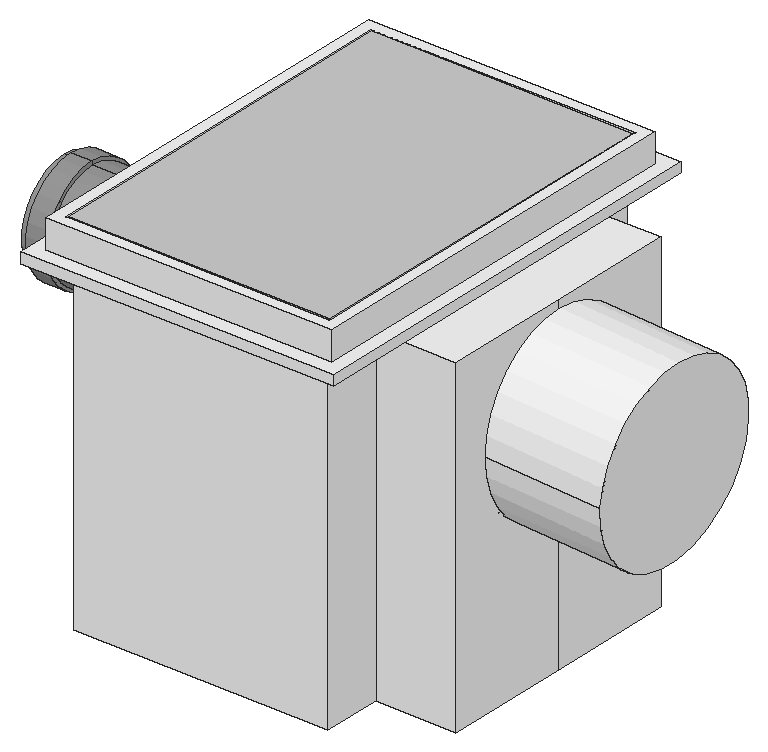
Revit family "HL_Трап для подвалов_HL71.1_50", category Instalační zařizovací předměty, Revit 2016
Family settings
  Typ součásti = Normální
  Kóta kulaté spojky = Použít průměr
  Číslo OmniClass = 23.70.50.21.24.14
  Nadpis OmniClass = Deck Waste Water Drains
  Založené na pracovní rovině = Ne
  Vždy vertikální = Ano
  Ořezat dutým tvarem při načtení = Ne
  Sdílené = Ano
  Bod výpočtu místnosti = Ano
Parameters (values of type "HL_Трап для подвалов_HL71.1_50")
  РЕШЁТКА = "155x225 mm/ ABS"
  РАЗМЕР = "DN110"
  ПРОПУСКНАЯ СПОСОБНОСТЬ [instance] = 0.0 L/s
  ПРОИЗВОДИТЕЛЬНОСТЬ = "2,3 l/s"
  ПРИЁМНОЕ ОТВЕРСТИЕ = "DN50"
  ПРАВОВАЯ ИНФОРМАЦИЯ = "\"Авторские права(©), права на дизайн или какие либо другие права интелектуальной собственности являются исключительной собственностью компании HL Hutterer & Lechner. Изменению не подлежит. Файл семейства с данными о прозводителе изделия защищен паролем с водяным знаком.\""
  ПАДЕНИЕ ДАВЛЕНИЯ [instance] = 0.0 Pa
  НОМИНАЛЬНЫЙ ДИАМЕТР 2 [instance] = 50 mm
  НОМИНАЛЬНЫЙ ДИАМЕТР = 110 mm
  НАСАДКА = "170x240 mm"
  МАТЕРИАЛ = "ABS"
  МАКСИМАЛЬНАЯ НАГРУЗКА КЛАССА = "K3 - 300 kg"
  ВЫСОТА МОНТАЖА = "220 mm"
  ВЕС = "1,43 kg"
  Připojení ventilace = no
  Výrobce = "HL Hutterer & Lechner GmbH"
  URL = "http://www.hutterer-lechner.com/ru/products/catalog/roof-drains/HL71.1/50.aspx"
  Připojení odpadu = yes
  Připojení HW = no
  Popis = "Трап для подвалов"
  Model = "HL71.1_50"
  Komentáře k typům = "Трап для подвалов DN110 горизонтальный с входным отверстием DN50, 170х240мм/155х225мм синтетический материал"
  Keynote = "HL71.1_50"
  Высота монтажа [instance] = 0 mm
  Připojení CW = no
  FO [instance] = FI1 + ПРОПУСКНАЯ СПОСОБНОСТЬ  # 0.0 L/s
  FI1 [instance] = 0.0 L/s
  EAN = "9003076711505"
  D2 [instance] = 170 mm
  D1 [instance] = 192.3 mm
  D [instance] = Высота монтажа + 56.6 mm  # 56.6 mm
  C [instance] = Высота монтажа + 80 mm  # 80 mm
  B [instance] = Высота монтажа + 86.1 mm  # 86.1 mm
  A [instance] = if(B - 100 mm > 15 mm, B - 100 mm, 15 mm)  # 15 mm
Reference planes
  plane 1 "Center (Front/Back)": y = 0
  plane 2: z = 0
  plane 3 "Center (Left/Right)": x = 0
  plane 4 "Ball Joint Vertical": x = 25.45
  plane 5: z = 0
  plane 6: z = -86.1
Lines and regions (mm)
  model lines, style "InvisibleLines"
    curve 1: line (0, 0, 0) -> (0, 0, 560)
  reference lines
    curve 2: line (162.3, 0, -86.1) -> (192.3, 0, -86.1)
    curve 6: line (-39, 0, -80) -> (-170, 0, -80)
  model lines, detail levels coarse+medium
    curve 3: line (0, 0, -86.1) -> (0, 0, -71.1)
    curve 4: line (0, 0, -71.1) -> (71.1, 0, 0)
    curve 5: line (0, 0, -71.1) -> (-71.1, 0, 0)
    curve 7: line (0, 0, -86.1) -> (192.3, 0, -86.1)
  symbolic lines, style "PlumbingFixtures", detail levels coarse+medium
    curve 8: line (-75, 75, 0) -> (75, 75, 0)
    curve 9: line (-75, -75, 0) -> (-75, 75, 0)
    curve 10: line (75, -75, 0) -> (-75, -75, 0)
    curve 11: line (75, 75, 0) -> (75, -75, 0)
    curve 12: line (-75, 75, 0) -> (-145.711, 145.711, 0)
    curve 13: line (75, 75, 0) -> (145.711, 145.711, 0)
    curve 14: line (-75, -75, 0) -> (-145.711, -145.711, 0)
    curve 15: line (75, -75, 0) -> (145.711, -145.711, 0)
  symbolic lines, style "PlumbingFixtures", not visible, detail levels coarse+medium
    curve 16: line (-75, 75, 0) -> (75, 75, 0)
    curve 17: line (-75, -75, 0) -> (-75, 75, 0)
    curve 18: line (75, -75, 0) -> (-75, -75, 0)
    curve 19: line (75, 75, 0) -> (75, -75, 0)
    curve 20: line (-75, 75, 0) -> (-145.711, 145.711, 0)
    curve 21: line (75, 75, 0) -> (145.711, 145.711, 0)
    curve 22: line (-75, -75, 0) -> (-145.711, -145.711, 0)
    curve 23: line (75, -75, 0) -> (145.711, -145.711, 0)
Text (mm)
  text "FLOOR" at (-198.233, 0, -26.556), in view "вид строительства"
Dimensions and locks
  locked: plane 4 "Ball Joint Vertical" to plane 3 "Center (Left/Right)" at 25.45
  "Высота монтажа": plane 2 to plane 5
  "A": curve 5 to plane 6
  "B": curve 5 to plane 6
  "B": curve 4 to plane 6
  "B": plane 2 to plane 6
  "C": plane 2 to curve 6
  "B": plane 2 to curve 7
  "D2": plane 3 "Center (Left/Right)" to curve 6
  "D1": curve 2 to plane 3 "Center (Left/Right)"
  "D1": curve 7 to plane 3 "Center (Left/Right)"
  locked: curve 4 to plane 3 "Center (Left/Right)" (angle 45.00°)
  locked: plane 3 "Center (Left/Right)" to curve 5 (angle 45.00°)
  aligned and locked: level to plane 2
  aligned and locked: plane 2 to curve 1
  aligned and locked: plane 3 "Center (Left/Right)" to curve 1
  aligned and locked: plane 3 "Center (Left/Right)" to curve 5
  aligned and locked: curve 2 to plane 6
  aligned and locked: plane 3 "Center (Left/Right)" to nested 1
  aligned and locked: plane 5 to nested 1
  aligned and locked: plane 2 to nested 2
Automatic sketch dimensions
  level to curve 1 = 560 mm
  curve 6 to plane 3 "Center (Left/Right)" = 39 mm
  curve 2 to curve 2 = 30 mm
Nested families
  nested 1: "HL_Трап для подвалов_HL71.1_50" at (0, 0, 0), type "HL_Трап для подвалов_HL71.1_50"
  nested 2: "HL_Решетка для сливного отверстия из пластмассы_HL071.1E" at (0, 0, 0), type "HL_Решетка для сливного отверстия из пластмассы_HL071.1E"
Connectors
  piping at (192.3, 0, -86.1), diameter 110, driven by "НОМИНАЛЬНЫЙ ДИАМЕТР", driven by "FO"
    settings: on curve 2, index 1, connector inside diameter 609.6 mm, connector length 0 mm, flow factor 0, pipe flow 0.0 L/s, pressure drop 0.0 Pa, fitting loss kfactor 0, connector angle 0.00°, fixture units 0, engagement length 0 mm, angle of deflection 0.00°, flow configuration 1, flow direction 2, fitting loss method 0, system type 16, joint type 0, gender type 0, connector reference index 2, connector utility 0, adjustable connector yes, is connector primary no, connector description ""
  piping at (-170, 0, -80), diameter 50, driven by "НОМИНАЛЬНЫЙ ДИАМЕТР 2", driven by "FI1"
    settings: on curve 6, index 2, connector inside diameter 609.6 mm, connector length 0 mm, flow factor 1, pipe flow 0.0 L/s, pressure drop 0.0 Pa, fitting loss kfactor 0, connector angle 0.00°, fixture units 0, engagement length 0 mm, angle of deflection 0.00°, flow configuration 2, flow direction 1, fitting loss method 0, system type 16, joint type 0, gender type 0, connector reference index 1, connector utility 0, adjustable connector yes, is connector primary yes, connector description ""
Definition of nested family "HL_Трап для подвалов_HL71.1_50"
  Parameters (values of type "HL_Трап для подвалов_HL71.1_50")
    Manufacturer = ""
    URL = ""
    Description = ""
    Model = ""
    Type Comments = ""
    Cost = 0
  Reference planes
    plane 1 "Střed (vpředu/vzadu)": y = 0
    plane 2: z = 0
    plane 3 "Střed (vlevo/vpravo)": x = 0
  Forms (mm)
    Extrusion 1, solid, detail levels fine
      sketch origin (24, 0, 0) x (-1, 0, 0) y (0, -1, 0)
        loop
          line (-61, 120) -> (-61, -120) -> (109, -120) -> (109, 120) -> (-61, 120)
        loop
          line (102.5, -113.5) -> (102.5, 113.5) -> (-54.5, 113.5) -> (-54.5, -113.5) -> (102.5, -113.5)
      from 0 to -17
    Extrusion 2, solid, detail levels fine
      sketch origin (24, 0, -17) x (0, -1, 0) y (-1, 0, 0)
        loop
          line (129, -69) -> (129, 117) -> (-129, 117) -> (-129, -69) -> (129, -69)
      from 0 to 6
    Extrusion 3, solid, detail levels fine
      sketch origin (24, 0, -23) x (1, 0, 0) y (0, -1, 0)
        loop
          line (99.5, -76) -> (99.5, 0) -> (99.5, 76) -> (51.5, 76) -> (51.5, 111) -> (-99.5, 111) -> (-99.5, 0) -> (-99.5, -111) -> (51.5, -111) -> (51.5, -76) -> (99.5, -76)
      from 0 to 197
    Sweep 4, solid, detail levels fine
      path origin (24, 0, 0) x (-1, 0, 0) y (0, 0, 1)
        loop
          line (-171.157, -31.169) -> (-99.5, -27.413)
      profile origin (159.329, 0, -29.291) x (0.052336, 0, 0.99863) y (0, 1, 0)
        loop
          circle (-55, 0) r 55
    Revolve 5, solid, detail levels fine
      sketch origin (24, 0, 0) x (-1, 0, 0) y (0, 0, 1)
        loop
          line (194, -80) -> (194, -48.5) -> (190, -48.5) -> (190, -46.493) -> (177.5, -46.493) -> (177.5, -48.5) -> (122.04, -48.5) -> (122.04, -42.389) -> (99.5, -42.389) -> (99.5, -80) -> (194, -80)
        axis (194, -80) -> (99.5, -80)
      angle from 0 to 360
  Dimensions and locks
    aligned and locked: level to plane 2
Definition of nested family "HL_Решетка для сливного отверстия из пластмассы_HL071.1E"
  Parameters
    РАЗМЕР = "155x225mm"
    ПРАВОВАЯ ИНФОРМАЦИЯ = "\"Copyright (©), design rights or any other intellectual property rights, shall be the exclusive property of HL Hutterer & Lechner GmbH. Modification is not allowed. Family has been watermarked.\""
    МАТЕРИАЛ = "ABS"
    МАКСИМАЛЬНАЯ НАГРУЗКА КЛАССА = "K3 - 300kg"
    ВЕС = "0,28 kg"
    Manufacturer = "HL Hutterer & Lechner GmbH"
    URL = "http://www.hutterer-lechner.com/en/products/catalog/roof-drains/HL071.1E.aspx"
    Description = "Attachments"
    Model = "HL071.1E"
    Type Comments = "plastic grate 155x225mm"
    Keynote = "HL071.1E"
    EAN = "9003076007110"
    Cost = 0
  Types (2, lengths in mm): name | ПРАВОВАЯ ИНФОРМАЦИЯ | URL | Description | Type Comments
    (no name) | "\"Copyright (©), design rights or any other intellectual property rights, shall be the exclusive property of HL Hutterer & Lechner GmbH. Modification is not allowed. Family has been watermarked.\"" | "http://www.hutterer-lechner.com/en/products/catalog/roof-drains/HL071.1E.aspx" | "Attachments" | "plastic grate 155x225mm"
    HL_Решетка для сливного отверстия из пластмассы_HL071.1E | "\"Авторские права(©), права на дизайн или какие либо другие права интелектуальной собственности являются исключительной собственностью компании HL Hutterer & Lechner. Изменению не подлежит. Файл семейства с данными о прозводителе изделия защищен паролем с водяным знаком.\"" | "http://www.hutterer-lechner.com/ru/products/catalog/roof-drains/HL071.1E.aspx" | "Вспомогательные материалы" | "Решетка для сливного отверстия из пластмассы 155х225м"
  Reference planes
    plane 1 "Střed (vpředu/vzadu)": y = 0
    plane 2: z = 0
    plane 3 "Střed (vlevo/vpravo)": x = 0
  Forms (mm)
    Extrusion 1, solid, detail levels fine
      sketch origin (0, 0, 0) x (1, 0, 0) y (0, 1, 0)
        loop
          line (77.5, -112.5) -> (77.5, 112.5) -> (-77.5, 112.5) -> (-77.5, -112.5) -> (77.5, -112.5)
      from 0 to -20
  Lines and regions (mm)
    model lines, detail levels fine
      curve 1: line (59, -95, 0) -> (51, -95, 0)
      curve 2: line (59, -45, 0) -> (59, -95, 0)
      curve 3: line (51, -45, 0) -> (59, -45, 0)
      curve 4: line (51, -95, 0) -> (51, -45, 0)
      curve 5: line (37, -95, 0) -> (29, -95, 0)
      curve 6: line (37, -7, 0) -> (37, -95, 0)
      curve 7: line (29, -7, 0) -> (37, -7, 0)
      curve 8: line (29, -95, 0) -> (29, -7, 0)
      curve 9: line (15, -95, 0) -> (7, -95, 0)
      curve 10: line (15, -7, 0) -> (15, -95, 0)
      curve 11: line (7, -7, 0) -> (15, -7, 0)
      curve 12: line (7, -95, 0) -> (7, -7, 0)
      curve 13: line (59, -35, 0) -> (51, -35, 0)
      curve 14: line (59, 35, 0) -> (59, -35, 0)
      curve 15: line (51, 35, 0) -> (59, 35, 0)
      curve 16: line (51, -35, 0) -> (51, 35, 0)
      curve 17: line (59, 45, 0) -> (51, 45, 0)
      curve 18: line (59, 95, 0) -> (59, 45, 0)
      curve 19: line (51, 95, 0) -> (59, 95, 0)
      curve 20: line (51, 45, 0) -> (51, 95, 0)
      curve 21: line (37, 7, 0) -> (29, 7, 0)
      curve 22: line (37, 95, 0) -> (37, 7, 0)
      curve 23: line (29, 95, 0) -> (37, 95, 0)
      curve 24: line (29, 7, 0) -> (29, 95, 0)
      curve 25: line (15, 7, 0) -> (7, 7, 0)
      curve 26: line (15, 95, 0) -> (15, 7, 0)
      curve 27: line (7, 95, 0) -> (15, 95, 0)
      curve 28: line (7, 7, 0) -> (7, 95, 0)
      curve 29: line (-59, -95, 0) -> (-51, -95, 0)
      curve 30: line (-59, -45, 0) -> (-59, -95, 0)
      curve 31: line (-51, -45, 0) -> (-59, -45, 0)
      curve 32: line (-51, -95, 0) -> (-51, -45, 0)
      curve 33: line (-37, -95, 0) -> (-29, -95, 0)
      curve 34: line (-37, -7, 0) -> (-37, -95, 0)
      curve 35: line (-29, -7, 0) -> (-37, -7, 0)
      curve 36: line (-29, -95, 0) -> (-29, -7, 0)
      curve 37: line (-15, -95, 0) -> (-7, -95, 0)
      curve 38: line (-15, -7, 0) -> (-15, -95, 0)
      curve 39: line (-7, -7, 0) -> (-15, -7, 0)
      curve 40: line (-7, -95, 0) -> (-7, -7, 0)
      curve 41: line (-59, -35, 0) -> (-51, -35, 0)
      curve 42: line (-59, 35, 0) -> (-59, -35, 0)
      curve 43: line (-51, 35, 0) -> (-59, 35, 0)
      curve 44: line (-51, -35, 0) -> (-51, 35, 0)
      curve 45: line (-59, 45, 0) -> (-51, 45, 0)
      curve 46: line (-59, 95, 0) -> (-59, 45, 0)
      curve 47: line (-51, 95, 0) -> (-59, 95, 0)
      curve 48: line (-51, 45, 0) -> (-51, 95, 0)
      curve 49: line (-37, 7, 0) -> (-29, 7, 0)
      curve 50: line (-37, 95, 0) -> (-37, 7, 0)
      curve 51: line (-29, 95, 0) -> (-37, 95, 0)
      curve 52: line (-29, 7, 0) -> (-29, 95, 0)
      curve 53: line (-15, 7, 0) -> (-7, 7, 0)
      curve 54: line (-15, 95, 0) -> (-15, 7, 0)
      curve 55: line (-7, 95, 0) -> (-15, 95, 0)
      curve 56: line (-7, 7, 0) -> (-7, 95, 0)
  Dimensions and locks
    aligned and locked: level to plane 2
